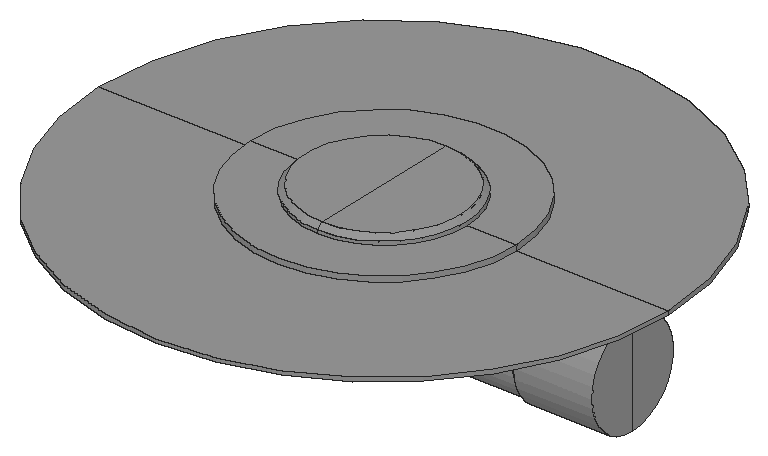
Revit family "HL_Трап для балконов и террас_HL80HK", category Instalační zařizovací předměty, Revit 2016
Family settings
  Typ součásti = Normální
  Kóta kulaté spojky = Použít průměr
  Číslo OmniClass = 23.70.50.21.24.14
  Nadpis OmniClass = Deck Waste Water Drains
  Založené na pracovní rovině = Ne
  Vždy vertikální = Ano
  Ořezat dutým tvarem při načtení = Ne
  Sdílené = Ne
  Bod výpočtu místnosti = Ano
Parameters (values of type "HL_Трап для балконов и террас_HL80HK")
  РАЗМЕР = "DN50/75"
  ПРОПУСКНАЯ СПОСОБНОСТЬ [instance] = 0.0 L/s
  ПРОИЗВОДИТЕЛЬНОСТЬ = "1,4 - 1,75 l/s"
  ПРАВОВАЯ ИНФОРМАЦИЯ = "\"Авторские права(©), права на дизайн или какие либо другие права интелектуальной собственности являются исключительной собственностью компании HL Hutterer & Lechner. Изменению не подлежит. Файл семейства с данными о прозводителе изделия защищен паролем с водяным знаком.\""
  НОМИНАЛЬНЫЙ ДИАМЕТР [instance] = 75 mm
  МАТЕРИАЛ = "PP / PE"
  ВЫСОТА МОНТАЖА = "91 mm"
  ВЕС = "1,034 kg"
  Výrobce = "HL Hutterer & Lechner GmbH"
  URL = "https://www.hutterer-lechner.com/ru/products/catalog/floor-drains/vertical/bitumen-membrane/HL80hk.aspx"
  Материал плитка [instance] = none
  Připojení ventilace = no
  Připojení odpadu = yes
  Připojení HW = no
  Připojení CW = no
  Popis = "Трап для балконов и террас"
  Model = "HL80HK"
  Assembly Code = " "
  Komentáře k typům = "Корпус трапа (для внутренних помещений, балконов и террас) DN50/75 поворотный с битумным полотном."
  Keynote = "HL80HK"
  Высота монтажа 2 [instance] = 0 mm
  Высота монтажа 1 [instance] = 0 mm
  IH [instance] = Высота монтажа 1 + Высота монтажа 2  # 0 mm
  Угол установки [instance] = 90.00°
  G [instance] = if(Угол установки = 0.00°, 180.00°, 90.00°)  # 90.00°
  F [instance] = if(and(Угол установки = 0.00°, НОМИНАЛЬНЫЙ ДИАМЕТР = 50 mm), 25.5 mm, 13 mm)  # 13 mm
  EAN = "9003076002108"
  D [instance] = if(and(Угол установки = 0.00°, НОМИНАЛЬНЫЙ ДИАМЕТР = 75 mm), 170.2 mm, if(and(Угол установки = 0.00°, НОМИНАЛЬНЫЙ ДИАМЕТР = 50 mm), 74 mm, if(and(Угол установки = 90.00°, НОМИНАЛЬНЫЙ ДИАМЕТР = 50 mm), 100 mm - 13 mm, 183 mm - 13 mm)))  # 170 mm
  C [instance] = if(IH - 68 mm < 0 mm, 0 mm, IH - 68 mm)  # 0 mm
  B [instance] = IH + if(НОМИНАЛЬНЫЙ ДИАМЕТР = 50 mm, 65 mm, 52 mm)  # 52 mm
  A [instance] = if(B - 100 mm > 15 mm, B - 100 mm, 15 mm)  # 15 mm
Reference planes
  plane 1 "Center (Front/Back)": y = 0
  plane 2: z = 0
  plane 3 "Center (Left/Right)": x = 0
  plane 4: z = -52
  plane 5: z = 0
  plane 6: x = 13
  plane 7: z = 0
Lines and regions (mm)
  model lines, style "InvisibleLines"
    curve 1: line (0, 0, 0) -> (0, 0, 20)
  model lines, style "PlumbingFixtures", not visible, detail levels coarse+medium
    curve 2: line (0, 0, -52) -> (0, 0, -37)
  model lines, style "PlumbingFixtures", detail levels coarse+medium
    curve 3: line (0, 0, -37) -> (-37, 0, 0)
    curve 4: line (0, 0, -37) -> (37, 0, 0)
    curve 6: line (13, 0, -52) -> (183, 0, -52)
    curve 23: line (0, 0, -52) -> (0, 0, -37)
    curve 24: line (13, 0, -52) -> (0, 0, -52)
  reference lines, not visible
    curve 5: line (13, 0, -52) -> (183, 0, -52)
  symbolic lines, style "PlumbingFixtures", detail levels coarse+medium
    curve 7: line (-75, 75, 0) -> (75, 75, 0)
    curve 8: line (-75, -75, 0) -> (-75, 75, 0)
    curve 9: line (75, -75, 0) -> (-75, -75, 0)
    curve 10: line (75, 75, 0) -> (75, -75, 0)
    curve 11: line (-75, 75, 0) -> (-145.711, 145.711, 0)
    curve 12: line (75, 75, 0) -> (145.711, 145.711, 0)
    curve 13: line (-75, -75, 0) -> (-145.711, -145.711, 0)
    curve 14: line (75, -75, 0) -> (145.711, -145.711, 0)
  symbolic lines, style "PlumbingFixtures", not visible, detail levels coarse+medium
    curve 15: line (-75, 75, 0) -> (75, 75, 0)
    curve 16: line (-75, -75, 0) -> (-75, 75, 0)
    curve 17: line (75, -75, 0) -> (-75, -75, 0)
    curve 18: line (75, 75, 0) -> (75, -75, 0)
    curve 19: line (-75, 75, 0) -> (-145.711, 145.711, 0)
    curve 20: line (75, 75, 0) -> (145.711, 145.711, 0)
    curve 21: line (-75, -75, 0) -> (-145.711, -145.711, 0)
    curve 22: line (75, -75, 0) -> (145.711, -145.711, 0)
Text (mm)
  text "FLOOR" at (-162.344, 0, -10.979), in view "вид строительства"
Dimensions and locks
  "B": plane 2 to plane 4
  "IH": plane 2 to plane 5
  "A": curve 4 to plane 4
  "D": curve 5 to curve 5
  "D": curve 6 to curve 6
  "F": plane 6 to plane 3 "Center (Left/Right)"
  "Высота монтажа 1": plane 2 to plane 7
  locked: curve 4 to plane 3 "Center (Left/Right)" (angle 45.00°)
  locked: plane 3 "Center (Left/Right)" to curve 3 (angle 45.00°)
  "G": angle curve 5 to plane 3 "Center (Left/Right)"
  aligned and locked: level to plane 2
  aligned and locked: plane 2 to curve 4
  aligned and locked: plane 2 to curve 3
  aligned and locked: plane 4 to curve 2
  aligned and locked: plane 4 to curve 5
  aligned and locked: plane 6 to curve 5
  aligned and locked: curve 6 to curve 5
  aligned and locked: plane 3 "Center (Left/Right)" to nested 1
  aligned and locked: nested 1 to plane 5
  aligned and locked: plane 3 "Center (Left/Right)" to nested 2
  aligned and locked: plane 2 to nested 2
Automatic sketch dimensions
  curve 2 to plane 3 "Center (Left/Right)" = 0 mm
  curve 1 to plane 3 "Center (Left/Right)" = 0 mm
  curve 24 to plane 6 = 0 mm
  curve 1 to level = 0 mm
  level to curve 1 = 20 mm
  curve 6 to curve 5 = 0 mm
Nested families
  nested 1: "HL-кровельные воронки - корпус-HL80HK" at (0, 0, 0), DN <- "НОМИНАЛЬНЫЙ ДИАМЕТР", Instalation Angle <- "Угол установки", type "HL80HK"
    with OE 5 mm, LV 0 mm, Instalation Angle 90.00°, DT 10 mm, DN 75 mm
  nested 2: "HL-Вспомогательные материалы-Противопожарная защита-HL181" at (0, 0, -18.16), type "HL-Вспомогательные материалы-Противопожарная защита-HL181"
Connectors
  piping at (183, 0, -52), diameter 75, driven by "ПРОПУСКНАЯ СПОСОБНОСТЬ", driven by "НОМИНАЛЬНЫЙ ДИАМЕТР"
    settings: on curve 5, index 1, connector inside diameter 609.6 mm, connector length 0 mm, flow factor 0, pipe flow 0.0 L/s, pressure drop 0.0 Pa, fitting loss kfactor 0, connector angle 0.00°, fixture units 0, engagement length 0 mm, angle of deflection 0.00°, flow configuration 1, flow direction 2, fitting loss method 0, system type 16, joint type 0, gender type 0, connector reference index -1, connector utility 0, adjustable connector yes, is connector primary yes, connector description ""
Definition of nested family "HL-кровельные воронки - корпус-HL80HK"
  Parameters (values of type "HL80HK")
    РАЗМЕР = "DN50/75"
    ПРОИЗВОДИТЕЛЬНОСТЬ = "1,4 - 1,75 l/s"
    ПРАВОВАЯ ИНФОРМАЦИЯ = "\"Авторские права(©), права на дизайн или какие либо другие права интелектуальной собственности являются исключительной собственностью компании HL Hutterer & Lechner. Изменению не подлежит. Файл семейства с данными о прозводителе изделия защищен паролем с водяным знаком.\""
    МАТЕРИАЛ = "PP / PE"
    ВЫСОТА МОНТАЖА = "91 mm"
    ВЕС = "1,034 kg"
    Waste Connection = yes
    Vent Connection = no
    Manufacturer = "HL Hutterer & Lechner GmbH"
    LV [instance] = if(DN = 75 mm, 0 mm, 83 mm)  # 0 mm
    HW Connection = no
    URL = "https://www.hutterer-lechner.com/ru/products/catalog/floor-drains/vertical/bitumen-membrane/HL80hk.aspx"
    RN2 = DN2 / 2  # 37.5 mm
    RN1 = DN1 / 2  # 25 mm
    Description = "Трап для балконов и террас"
    EAN = "9003076002108"
    DT [instance] = if(DN = DN1, 10 mm, if(DN = DN2, 10 mm, 0 mm))  # 10 mm
    DN [instance] = 75 mm
    CW Connection = no
    OL = 155 mm  # constant formula
    OE [instance] = if(Instalation Angle > 0.00°, 5 mm, 30 mm)  # 5 mm
    Model = "HL80HK"
    Type Comments = "Корпус трапа (для внутренних помещений, балконов и террас) DN50/75 поворотный с битумным полотном."
    Keynote = "HL80HK"
    Instalation Angle [instance] = 90.00°
    DN2 = 75 mm  # constant formula
    DN1 = 50 mm  # constant formula
  Reference planes
    plane 1 "Center (Front/Back)": y = 0
    plane 2: z = 0
    plane 3 "Center (Left/Right)": x = 0
    plane 4: z = 0
    plane 5: z = -90
    plane 6: z = -215
    plane 7 "Ball joint horizontal": z = -64.2
    plane 8 "Ball Joint Vertical": x = 25.45
  Forms (mm)
    Revolve 1, solid, detail levels fine
      sketch origin (0, 0, -30) x (1, 0, 0) y (0, 0, 1)
        loop
          line (-98.112, 30) -> (-210.108, 30) -> (-210.108, 27) -> (-110.111, 27) -> (-110.111, 22.891) -> (-93.745, 22.891) -> (-93.745, 18.106) -> (-57.51, 18.106) -> (-57.51, 2.73) -> (-44.799, 2.73) -> (-44.799, -23.765)
          arc (-44.799, -23.765) -> (-26.756, -44.906) -> (-0.107, -52.803) r 48.911
          line (-0.107, -52.803) -> (-0.107, 33.918) -> (-98.112, 33.918) -> (-98.112, 30)
        axis (-0.107, 33.918) -> (-0.107, -52.803)
      angle from 0 to 360
    Sweep 2, solid, detail levels fine
      path in 3D
        loop
          line (5.45, 0, -64.2) -> (180.45, 0, -64.2)
      profile origin (92.95, 0, -64.2) x (0, 0, 1) y (0, -1, 0)
        loop
          circle (0, 0) r 25
    Revolve 3, solid, detail levels fine
      sketch origin (90.45, 0, -51.7) x (1, 0, 0) y (0, 0, 1)
        loop
          line (92.64, 0) -> (92.64, 37.5) -> (35.328, 37.5) -> (-2.031, 0) -> (92.64, 0)
        axis (-2.031, 0) -> (92.64, 0)
      angle from 0 to 360
    Revolve 4, solid, detail levels fine
      sketch origin (0, 0, -30) x (1, 0, 0) y (0, 0, 1)
        loop
          arc (-5.105, -62.233) -> (18.28, -60.002) -> (38.242, -47.618) r 51.5
          line (38.242, -47.618) -> (13.269, -22.645) -> (-15.712, -51.627) -> (-5.105, -62.233)
        axis (13.269, -22.645) -> (38.242, -47.618)
      angle from 0 to 360
    Extrusion 5, solid, detail levels fine
      sketch origin (0, 0, -30) x (0, 1, 0) y (0, 0, 1)
        loop
          line (46.485, 6) -> (-46.509, 6) -> (-45.296, -38.425)
          arc (-45.296, -38.425) -> (-0.041, -54.245) -> (45.232, -38.476) r 72.755
          line (45.232, -38.476) -> (46.485, 6)
      from -18 to -9
    Extrusion 6, void
      sketch origin (0, 0, 0) x (0, 1, 0) y (0, 0, 1)
        loop
          line (41.219, -68.961) -> (63.338, -68.961) -> (63.338, -27.27) -> (42.393, -27.27) -> (41.219, -68.961)
        loop
          line (-41.264, -68.961) -> (-42.438, -27.27) -> (-63.338, -27.27) -> (-63.338, -68.961) -> (-41.264, -68.961)
      from -9 to 18.461
    Extrusion 7, void
      sketch origin (183.09, 0, -51.7) x (0, -1, 0) y (0, 0, 1)
        loop
          circle (0, 0) r 37.5
      from -2 to 0 <- "LV"
  Cuts and joins
    Extrusion 6 cuts Revolve 1
    Extrusion 6, Extrusion 7 cuts Sweep 2
    Extrusion 6, Extrusion 7 cuts Revolve 3
    Extrusion 6 cuts Revolve 4
    Extrusion 6 cuts Extrusion 5
    joined: Revolve 1, Sweep 2, Revolve 3, Revolve 4, Extrusion 5
  Lines and regions (mm)
    reference lines
      curve 1: line (25.45, 0, -64.2) -> (180.45, 0, -64.2)
      curve 2: line (90.45, 0, -51.7) -> (180.45, 0, -51.7)
      curve 3: line (180.45, 0, -64.2) -> (180.45, 0, -46.7)
      curve 5: line (180.45, 0, -46.7) -> (90.45, 0, -46.7)
    sketch lines
      curve 4: line (5.45, 0, -64.2) -> (180.45, 0, -64.2)
    symbolic lines
      curve 6: line (71.515, 0, -43.528) -> (71.515, 0, -89.188)
    model lines, not visible
      curve 7: line (-0.107, 0, 0) -> (-0.107, 0, -10)
  Dimensions and locks
    plane 4 to plane 5 = 90 mm
    plane 4 to plane 6 = 215 mm
    locked: plane 4 to plane 7 "Ball joint horizontal" at 64.2
    locked: plane 8 "Ball Joint Vertical" to plane 3 "Center (Left/Right)" at 25.45
    locked: curve 3 to curve 2 at 90
    "OL": curve 3 to curve 1
    "RN2": Revolve 3 sketch curve to Revolve 3 sketch curve
    locked: Revolve 3 sketch curve to Revolve 3 sketch curve at 94.672
    Revolve 3 sketch curve to Revolve 3 sketch curve = 57.312 mm
    locked: curve 5 to curve 5 at 90
    locked: curve 5 to curve 1 at 17.5
    "OE": curve 5 to curve 2
    Revolve 1 sketch curve to Revolve 1 sketch curve to Revolve 1 sketch curve to Revolve 1 sketch curve to Revolve 1 sketch curve to Revolve 1 sketch curve = 99.997 mm locked, 11.999 mm locked, 40.602 mm locked, 12.711 mm locked, 44.692 mm locked
    plane 2 to plane 4 = 0 mm
    Revolve 1 sketch curve to plane 5 = 56.108 mm
    locked: plane 4 to cut or joined group of Revolve 1, Sweep 2, Revolve 3, Revolve 4, Extrusion 5, Extrusion 6, Extrusion 7 at 3
    Revolve 1 sketch curve to plane 4 to Revolve 1 sketch curve to Revolve 1 sketch curve to Revolve 1 sketch curve to Revolve 1 sketch curve to Revolve 1 sketch curve = 3.918 mm locked, 3 mm locked, 4.109 mm locked, 4.785 mm locked, 15.376 mm locked, 6.621 mm locked
    locked: plane 4 to Extrusion 5 sketch curve at 24
    locked: Revolve 4 sketch curve to plane 7 "Ball joint horizontal" at 22.998
    locked: plane 8 "Ball Joint Vertical" to Revolve 4 sketch curve at 23.624
    locked: curve 2 to Extrusion 7 sketch curve
    "DT": cut or joined group of Revolve 1, Sweep 2, Revolve 3, Revolve 4, Extrusion 5, Extrusion 6, Extrusion 7 to curve 7
    "DN1": diameter of Sweep 2 sketch curve
    diameter of Extrusion 7 sketch curve = 75 mm
    "Instalation Angle": angle plane 8 "Ball Joint Vertical" to curve 1
    locked: curve 3 to curve 1 (angle 90.00°)
    locked: curve 2 to curve 3 (angle 90.00°)
    locked: curve 5 to curve 3 (angle 90.00°)
    aligned and locked: level to plane 2
    aligned and locked: plane 8 "Ball Joint Vertical" to curve 1
    aligned and locked: plane 7 "Ball joint horizontal" to curve 1
    aligned and locked: plane 4 to Revolve 1 sketch curve
    aligned and locked: Revolve 1 sketch curve to Revolve 1 sketch curve
    aligned and locked: Revolve 3 sketch curve to curve 2
  Automatic sketch dimensions
    Revolve 4 sketch curve to plane 5 = 2.233 mm
    Revolve 4 sketch curve to plane 3 "Center (Left/Right)" = 5.105 mm
    plane 5 to Revolve 4 sketch curve = 8.373 mm
    Revolve 4 sketch curve to Revolve 4 sketch curve = 10.607 mm
    plane 7 "Ball joint horizontal" to Revolve 4 sketch curve = 11.555 mm
    Revolve 4 sketch curve to Revolve 4 sketch curve = 2.288 mm  (x2)
    plane 5 to Revolve 4 sketch curve = 5.833 mm
    Revolve 4 sketch curve to Revolve 4 sketch curve = 6.549 mm
    Revolve 1 sketch curve to plane 3 "Center (Left/Right)" = 0.107 mm
    plane 7 "Ball joint horizontal" to Revolve 1 sketch curve = 10.435 mm
    Revolve 1 sketch curve to Revolve 1 sketch curve = 4.366 mm
    Revolve 1 sketch curve to plane 6 = 96 mm
    Revolve 1 sketch curve to Revolve 1 sketch curve = 2210.397 mm
    Extrusion 6 sketch curve to plane 7 "Ball joint horizontal" = 4.761 mm  (x2)
    plane 1 "Center (Front/Back)" to Extrusion 6 sketch curve = 63.338 mm
    Extrusion 6 sketch curve to Extrusion 6 sketch curve = 20.9 mm
    Extrusion 6 sketch curve to Extrusion 6 sketch curve = 22.075 mm
    Extrusion 6 sketch curve to plane 1 "Center (Front/Back)" = 41.219 mm
    Extrusion 6 sketch curve to Extrusion 6 sketch curve = 1.175 mm
    Extrusion 6 sketch curve to Extrusion 6 sketch curve = 20.945 mm
    Extrusion 6 sketch curve to level = 27.27 mm  (x2)
    Extrusion 5 sketch curve to plane 1 "Center (Front/Back)" = 0 mm
    Extrusion 5 sketch curve to plane 7 "Ball joint horizontal" = 4.225 mm
    plane 1 "Center (Front/Back)" to Extrusion 5 sketch curve = 45.296 mm
    Extrusion 5 sketch curve to Extrusion 5 sketch curve = 1.213 mm
    Extrusion 5 sketch curve to level = 11.49 mm
    Extrusion 5 sketch curve to plane 7 "Ball joint horizontal" = 4.276 mm
    Extrusion 5 sketch curve to Extrusion 5 sketch curve = 1.253 mm
    curve 7 to level = 0 mm
    curve 7 to plane 3 "Center (Left/Right)" = 0.107 mm
    plane 5 to curve 6 = 0.812 mm
    plane 8 "Ball Joint Vertical" to curve 6 = 46.065 mm
    plane 7 "Ball joint horizontal" to curve 6 = 20.672 mm
    profile plane to Sweep 2 sketch curve = 0 mm
    Sweep 2 sketch curve to profile plane = 0 mm
    Revolve 3 sketch curve to curve 2 = 0 mm  (x3)
    Revolve 3 sketch curve to curve 2 = 2.031 mm
Definition of nested family "HL-Вспомогательные материалы-Противопожарная защита-HL181"
  Parameters (values of type "HL-Вспомогательные материалы-Противопожарная защита-HL181")
    ПРАВОВАЯ ИНФОРМАЦИЯ = "Авторские права(©), права на дизайн или какие либо другие права интелектуальной собственности являются исключительной собственностью компании HL Hutterer & Lechner. Изменению не подлежит. Файл семейства с данными о прозводителе изделия защищен паролем с водяным знаком."
    МАТЕРИАЛ = "PP"
    ВЕС = "0,044 [kg]"
    Manufacturer = "HL Hutterer & Lechner GmbH"
    URL = "http://www.hutterer-lechner.com/ru/products/catalog/roof-drains/HL181.aspx"
    Материал плитка = none
    Description = "Кровельные воронки"
    Model = "HL181"
    Type Comments = "HL181, Решётка-листвоуловитель для трапов для балконов и террас серии HL80, HL90 и HL310NK, HL510NK"
    Keynote = "HL181"
    Пропускная способность [instance] = 0.0 L/s
    EAN = "9003076028993"
    Cost = 0
  Reference planes
    plane 1 "Střed (vpředu/vzadu)": y = 0
    plane 2: z = 0
    plane 3 "Střed (vlevo/vpravo)": x = 0
  Forms (mm)
    Revolve 1, solid, detail levels fine
      sketch origin (0, 0, 0) x (0, 1, 0) y (0, 0, 1)
        loop
          line (55.35, 0) -> (55.35, 18.16) -> (61.008, 18.16) -> (61.008, 24.316) -> (57.324, 28) -> (0, 28) -> (0, 18.16) -> (45.972, 18.16) -> (49.174, 0) -> (55.35, 0)
        axis (0, 28) -> (0, 0)
      angle from 0 to 360
  Dimensions and locks
    aligned and locked: level to plane 2
